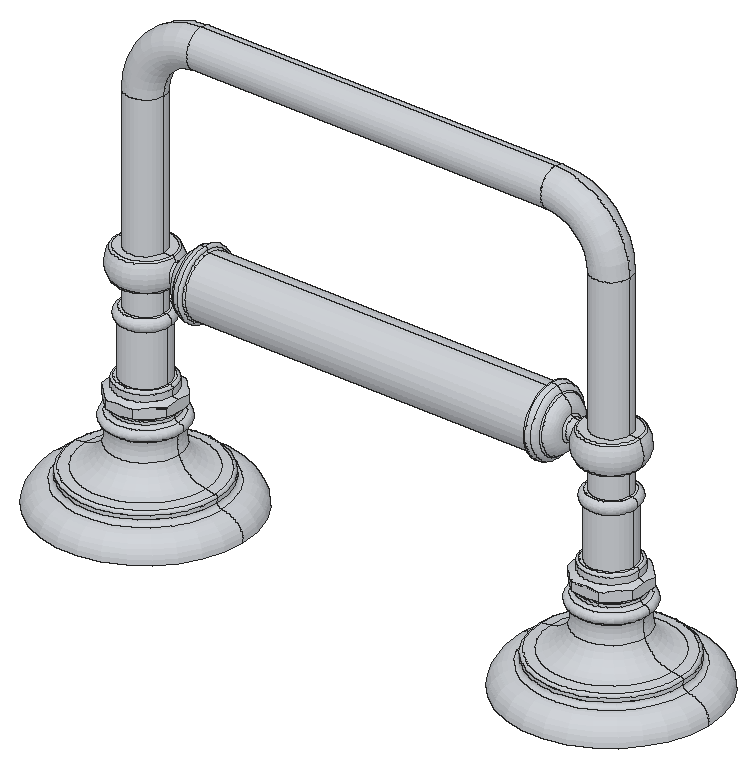
Revit family "Accessory-Tissue_Holder-KOHLER-Artifacts-K-72573", category Specialty Equipment, host Face, Revit 2015
Parameters (values of type "CP-Polished Chrome")
  Width = 6"  # constant formula
  URL = "https://www.us.kohler.com/us/"
  Type = 1
  Product Page URL = "http://www.us.kohler.com/us/catalog/productDetails.jsp?productNumber=72573"
  Product Name = "Artifacts"  # constant formula
  Product Documentation Link = "http://www.us.kohler.com/onlinecatalog/pdf/K-72573_spec.pdf"
  Model = if(Type = 1, "K-72573-CP", if(Type = 2, "K-72573-SN", if(Type = 3, "K-72573-BN", if(Type = 4, "K-72573-BV", if(Type = 5, "K-72573-2BZ", if(Type = 6, "K-72573-VNT", "NA"))))))  # "K-72573-CP"
  Material = "Premium Metal Construction"  # constant formula
  MasterFormat 2004 = "10.28.13"  # constant formula
  MasterFormat 1995 = "10820"  # constant formula
  Manufacturer Address = "444 Highland Dr, Kohler, WI 53044"  # constant formula
  Manufacturer = "KOHLER Co."  # constant formula
  Length = 6 1/4"  # constant formula
  Height = 2 5/8"  # constant formula
  Finish = Kohler-Metal-CP-Polished_Chrome
  Environmental Product Declaration = ""
  Description = "Pivoting toilet tissue holder"  # constant formula
  Default Elevation = 42"
  Declare Label = ""
  Date Modified = "10/12/2018"  # constant formula
  Date Created = "10/12/2018"  # constant formula
  Copyright = "Copyright KOHLER Co."  # constant formula
  Contact Us = "https://www.us.kohler.com/us/static/contact.jsp"
  Assembly Code = "C1030200"
  ADA Compliant = 1 = 0  # no
Reference planes (in)
  plane 1 "Center (Front/Back)": y = 0
  plane 2: z = 0
  plane 3 "Center (Left/Right)": x = 0
  plane 4: x = -3.125
  plane 5: x = 3.125
  plane 6: z = 6
  plane 7: y = -1.3125
  plane 8: y = 1.3125
Dimensions and locks (in)
  "Height": plane 7 to plane 8
  "Width": plane 6 to level
  "Length": plane 4 to plane 5
  aligned and locked: plane 2 to host face
  aligned and locked: level to host face
  aligned and locked: plane 4 to nested 1
  aligned and locked: plane 5 to nested 1
Automatic sketch dimensions
  host sketch curve to host sketch curve = 96"  (x2)
Nested families (in)
  nested 1: "K-72573" at (0, 0, 0), type "K-72573"
Definition of nested family "K-72573"
  Parameters (values of type "K-72573")
    Towel Bar Length = 6 1/4"
    Material = none
  Reference planes (in)
    plane 1 "Center (Front/Back)": y = 0
    plane 2: z = 0
    plane 3 "Center (Left/Right)": x = 0
    plane 4: z = 6
    plane 5: x = 3.125
    plane 6: x = -3.125
    plane 7: y = 1.3125
    plane 8: y = -1.3125
    plane 9: x = -4.4375
    plane 10: x = -1.8125
    plane 11: x = 4.4375
    plane 12: x = 1.8125
    plane 13: x = -2.27668
    plane 14: x = 2.27668
  Forms (in)
    Revolve 1, solid, material <- "Material", detail levels medium+fine
      sketch origin (0.11974, 0, 0) x (1, 0, 0) y (0, 0, 1)
        loop
          line (-3.24474, 3.11596) -> (-3.60265, 3.11596)
          arc (-3.60265, 3.11596) -> (-3.61756, 3.11217) -> (-3.62886, 3.10173) r 0.03125
          arc (-3.62886, 3.10173) -> (-3.68053, 2.92918) -> (-3.63093, 2.75602) r 0.32035
          arc (-3.63093, 2.75602) -> (-3.61754, 2.74342) -> (-3.59974, 2.73884) r 0.03691
          line (-3.59974, 2.73884) -> (-3.49471, 2.73884) -> (-3.49471, 2.3874) -> (-3.53448, 2.3874)
          arc (-3.53448, 2.3874) -> (-3.59166, 2.31653) -> (-3.54735, 2.23697) r 0.08142
          line (-3.54735, 2.23697) -> (-3.54735, 1.55443) -> (-3.58362, 1.55443)
          arc (-3.58362, 1.55443) -> (-3.60622, 1.54506) -> (-3.61559, 1.52245) r 0.03197
          line (-3.61559, 1.52245) -> (-3.61559, 1.43735) -> (-3.81784, 1.33871) -> (-3.6599, 1.24752)
          arc (-3.6599, 1.24752) -> (-3.64433, 1.23489) -> (-3.63848, 1.21572) r 0.03432
          line (-3.63848, 1.21572) -> (-3.63848, 1.17818)
          arc (-3.63848, 1.17818) -> (-3.65292, 1.14605) -> (-3.68653, 1.13551) r 0.04297
          arc (-3.68653, 1.13551) -> (-3.75157, 1.09143) -> (-3.71716, 1.02081) r 0.05997
          arc (-3.71716, 1.02081) -> (-3.70417, 1.01174) -> (-3.69592, 0.99821) r 0.0386
          arc (-3.69592, 0.99821) -> (-3.67535, 0.87636) -> (-3.69755, 0.75479) r 0.35709
          arc (-3.69755, 0.75479) -> (-3.83491, 0.5624) -> (-4.05077, 0.46604) r 0.45049
          arc (-4.05077, 0.46604) -> (-4.11352, 0.45618) -> (-4.17623, 0.44613) r 20.60461
          arc (-4.17623, 0.44613) -> (-4.19991, 0.43278) -> (-4.2093, 0.40727) r 0.03936
          line (-4.2093, 0.40727) -> (-4.2093, 0.3595)
          arc (-4.2093, 0.3595) -> (-4.22723, 0.31519) -> (-4.27093, 0.29582) r 0.06371
          arc (-4.27093, 0.29582) -> (-4.47394, 0.20584) -> (-4.55724, 0) r 0.29598
          line (-4.55724, 0) -> (-3.24474, 0) -> (-3.24474, 3.11596)
        axis (-3.24474, 0) -> (-3.24474, 3.11596)
      angle from 0 to 360
    Extrusion 2, void
      sketch origin (0.11974, 0, 0) x (1, 0, 0) y (0, 1, 0)
        loop
          line (-3.42576, 0.43701) -> (-3.68175, 0.18101) -> (-3.68175, -0.18101) -> (-3.42576, -0.43701) -> (-3.06373, -0.43701) -> (-2.80774, -0.18101) -> (-2.80774, 0.18101) -> (-3.06373, 0.43701) -> (-3.42576, 0.43701)
        loop
          circle (-3.24474, 0) r 0.63543
      from 1.22241 to 1.43031
    Revolve 3, solid, material <- "Material", detail levels medium+fine
      sketch origin (0, 0, 0) x (1, 0, 0) y (0, 0, 1)
        loop
          line (3.125, 2.9274) -> (3.125, 3.0576) -> (2.61816, 3.0576)
          arc (2.61816, 3.0576) -> (2.5953, 3.0677) -> (2.58739, 3.09141) r 0.03091
          arc (2.58739, 3.09141) -> (2.56082, 3.20469) -> (2.47115, 3.27883) r 0.18235
          arc (2.47115, 3.27883) -> (2.45785, 3.28771) -> (2.44965, 3.30145) r 0.03631
          arc (2.44965, 3.30145) -> (2.42849, 3.33695) -> (2.39417, 3.35996) r 0.09408
          arc (2.39417, 3.35996) -> (2.3621, 3.37038) -> (2.32908, 3.37722) r 0.30695
          arc (2.32908, 3.37722) -> (2.30343, 3.36873) -> (2.2951, 3.34304) r 0.02989
          arc (2.2951, 3.34304) -> (2.29085, 3.32803) -> (2.27668, 3.3215) r 0.01865
          line (2.27668, 3.3215) -> (-2.27668, 3.3215)
          arc (-2.27668, 3.3215) -> (-2.29085, 3.32803) -> (-2.2951, 3.34304) r 0.01865
          arc (-2.2951, 3.34304) -> (-2.30343, 3.36873) -> (-2.32908, 3.37722) r 0.02989
          arc (-2.32908, 3.37722) -> (-2.3621, 3.37038) -> (-2.39417, 3.35996) r 0.30695
          arc (-2.39417, 3.35996) -> (-2.42849, 3.33695) -> (-2.44965, 3.30145) r 0.09408
          arc (-2.44965, 3.30145) -> (-2.45785, 3.28771) -> (-2.47115, 3.27883) r 0.03631
          arc (-2.47115, 3.27883) -> (-2.56082, 3.20469) -> (-2.58739, 3.09141) r 0.18235
          arc (-2.58739, 3.09141) -> (-2.5953, 3.0677) -> (-2.61816, 3.0576) r 0.03091
          line (-2.61816, 3.0576) -> (-3.125, 3.0576) -> (-3.125, 2.9274) -> (3.125, 2.9274)
        axis (-3.125, 2.9274) -> (3.125, 2.9274)
      angle from 0 to 360
    Sweep 4, solid, material <- "Material", detail levels medium+fine
      path origin (0, 0, 0) x (1, 0, 0) y (0, 0, 1)
        loop
          line (-3.125, 3.10029) -> (-3.125, 5)
          arc (-3.125, 5) -> (-2.9054, 5.53026) -> (-2.3752, 5.75) r 0.75
          line (-2.3752, 5.75) -> (2.3752, 5.75)
          arc (2.3752, 5.75) -> (2.9054, 5.53026) -> (3.125, 5) r 0.75
          line (3.125, 5) -> (3.125, 3.10029)
      profile origin (-3.125, 0, 4.05014) x (-1, 0, 0) y (0, -1, 0)
        loop
          circle (0, 0) r 0.24996
    Extrusion 5, void
      sketch origin (-0.11974, 0, 0) x (-1, 0, 0) y (0, -1, 0)
        loop
          line (-3.42576, -0.43701) -> (-3.06373, -0.43701) -> (-2.80774, -0.18101) -> (-2.80774, 0.18101) -> (-3.06373, 0.43701) -> (-3.42576, 0.43701) -> (-3.68175, 0.18101) -> (-3.68175, -0.18101) -> (-3.42576, -0.43701)
        loop
          circle (-3.24474, 0) r 0.63543
      from 1.22241 to 1.43031
    Revolve 6, solid, material <- "Material", detail levels medium+fine
      sketch origin (-0.11974, 0, 0) x (-1, 0, 0) y (0, 0, 1)
        loop
          line (-3.24474, 3.11596) -> (-3.60265, 3.11596)
          arc (-3.60265, 3.11596) -> (-3.61756, 3.11217) -> (-3.62886, 3.10173) r 0.03125
          arc (-3.62886, 3.10173) -> (-3.68053, 2.92918) -> (-3.63093, 2.75602) r 0.32035
          arc (-3.63093, 2.75602) -> (-3.61754, 2.74342) -> (-3.59974, 2.73884) r 0.03691
          line (-3.59974, 2.73884) -> (-3.49471, 2.73884) -> (-3.49471, 2.3874) -> (-3.53448, 2.3874)
          arc (-3.53448, 2.3874) -> (-3.59166, 2.31653) -> (-3.54735, 2.23697) r 0.08142
          line (-3.54735, 2.23697) -> (-3.54735, 1.55443) -> (-3.58362, 1.55443)
          arc (-3.58362, 1.55443) -> (-3.60622, 1.54506) -> (-3.61559, 1.52245) r 0.03197
          line (-3.61559, 1.52245) -> (-3.61559, 1.43735) -> (-3.81784, 1.33871) -> (-3.6599, 1.24752)
          arc (-3.6599, 1.24752) -> (-3.64433, 1.23489) -> (-3.63848, 1.21572) r 0.03432
          line (-3.63848, 1.21572) -> (-3.63848, 1.17818)
          arc (-3.63848, 1.17818) -> (-3.65292, 1.14605) -> (-3.68653, 1.13551) r 0.04297
          arc (-3.68653, 1.13551) -> (-3.75157, 1.09143) -> (-3.71716, 1.02081) r 0.05997
          arc (-3.71716, 1.02081) -> (-3.70417, 1.01174) -> (-3.69592, 0.99821) r 0.0386
          arc (-3.69592, 0.99821) -> (-3.67535, 0.87636) -> (-3.69755, 0.75479) r 0.35709
          arc (-3.69755, 0.75479) -> (-3.83491, 0.5624) -> (-4.05077, 0.46604) r 0.45049
          arc (-4.05077, 0.46604) -> (-4.11352, 0.45618) -> (-4.17623, 0.44613) r 20.60461
          arc (-4.17623, 0.44613) -> (-4.19991, 0.43278) -> (-4.2093, 0.40727) r 0.03936
          line (-4.2093, 0.40727) -> (-4.2093, 0.3595)
          arc (-4.2093, 0.3595) -> (-4.22723, 0.31519) -> (-4.27093, 0.29582) r 0.06371
          arc (-4.27093, 0.29582) -> (-4.47394, 0.20584) -> (-4.55724, 0) r 0.29598
          line (-4.55724, 0) -> (-3.24474, 0) -> (-3.24474, 3.11596)
        axis (-3.24474, 0) -> (-3.24474, 3.11596)
      angle from 0 to 360
    Extrusion 7, solid, material <- "Material", detail levels coarse
      sketch origin (0, 0, 0) x (1, 0, 0) y (0, 0, 1)
        loop
          line (2.61817, 3.37722) -> (2.61817, 5.5) -> (-2.61817, 5.5) -> (-2.61817, 3.37722) -> (2.61817, 3.37722)
        loop
          line (-3.63183, 6) -> (-3.63183, 1.09143) -> (-2.61817, 1.09143) -> (-2.61817, 2.47725) -> (2.61817, 2.47725) -> (2.61817, 1.09143) -> (3.63183, 1.09143) -> (3.63183, 6) -> (-3.63183, 6)
      from -0.47241 to 0.47241
    Revolve 8, solid, material <- "Material", detail levels coarse
      sketch origin (0, 0, 0) x (1, 0, 0) y (0, 0, 1)
        loop
          line (-3.125, 0) -> (-3.125, 1.09143) -> (-3.63183, 1.09143) -> (-4.4375, 0) -> (-3.125, 0)
        axis (-3.125, 0) -> (-3.125, 1.09143)
      angle from 0 to 360
    Revolve 9, solid, material <- "Material", detail levels coarse
      sketch origin (0, 0, 0) x (-1, 0, 0) y (0, 0, 1)
        loop
          line (-3.125, 0) -> (-3.125, 1.09143) -> (-3.63183, 1.09143) -> (-4.4375, 0) -> (-3.125, 0)
        axis (-3.125, 0) -> (-3.125, 1.09143)
      angle from 0 to 360
  Cuts and joins
    Extrusion 2, Extrusion 5 cuts Revolve 1
    Extrusion 5 cuts Revolve 6
    joined: Revolve 1, Revolve 3, Sweep 4, Revolve 6
    joined: Extrusion 7, Revolve 8, Revolve 9
  Lines and regions (in)
    Masking region 1
      outline origin (0, 0, 0) x (1, 0, 0) y (0, 0, 1)
        loop
          line (-3.125, 0) -> (-1.8125, 0)
          arc (-1.8125, 0) -> (-1.8958, 0.20584) -> (-2.09881, 0.29582) r 0.29598
          arc (-2.09881, 0.29582) -> (-2.14251, 0.31519) -> (-2.16044, 0.3595) r 0.06371
          line (-2.16044, 0.3595) -> (-2.16044, 0.40727)
          arc (-2.16044, 0.40727) -> (-2.16983, 0.43278) -> (-2.19351, 0.44613) r 0.03936
          arc (-2.19351, 0.44613) -> (-2.25623, 0.45618) -> (-2.31897, 0.46604) r 20.60461
          arc (-2.31897, 0.46604) -> (-2.53484, 0.5624) -> (-2.67219, 0.75479) r 0.45049
          arc (-2.67219, 0.75479) -> (-2.69439, 0.87636) -> (-2.67382, 0.99821) r 0.35709
          arc (-2.67382, 0.99821) -> (-2.66557, 1.01174) -> (-2.65259, 1.02081) r 0.0386
          arc (-2.65259, 1.02081) -> (-2.61817, 1.09143) -> (-2.68321, 1.13551) r 0.05997
          arc (-2.68321, 1.13551) -> (-2.71682, 1.14605) -> (-2.73126, 1.17818) r 0.04297
          line (-2.73126, 1.17818) -> (-2.73126, 1.21231)
          arc (-2.73126, 1.21231) -> (-2.72801, 1.22852) -> (-2.71875, 1.24222) r 0.042
          line (-2.71875, 1.24222) -> (-2.68799, 1.26014) -> (-2.68799, 1.40508) -> (-2.75416, 1.43735) -> (-2.75416, 1.52245)
          arc (-2.75416, 1.52245) -> (-2.76352, 1.54506) -> (-2.78613, 1.55443) r 0.03197
          line (-2.78613, 1.55443) -> (-2.82239, 1.55443) -> (-2.82239, 2.23697)
          arc (-2.82239, 2.23697) -> (-2.77809, 2.31653) -> (-2.83527, 2.3874) r 0.08142
          line (-2.83527, 2.3874) -> (-2.87504, 2.3874) -> (-2.87504, 2.73884) -> (-2.77001, 2.73884)
          arc (-2.77001, 2.73884) -> (-2.75068, 2.74431) -> (-2.73707, 2.75909) r 0.03691
          arc (-2.73707, 2.75909) -> (-2.72636, 2.77781) -> (-2.71692, 2.7972) r 0.32035
          line (-2.71692, 2.7972) -> (-2.61816, 2.7972)
          arc (-2.61816, 2.7972) -> (-2.5953, 2.7871) -> (-2.58739, 2.76339) r 0.03091
          arc (-2.58739, 2.76339) -> (-2.56082, 2.65011) -> (-2.47115, 2.57597) r 0.18235
          arc (-2.47115, 2.57597) -> (-2.45785, 2.56709) -> (-2.44965, 2.55335) r 0.03631
          arc (-2.44965, 2.55335) -> (-2.42849, 2.51785) -> (-2.39417, 2.49484) r 0.09408
          arc (-2.39417, 2.49484) -> (-2.3621, 2.48442) -> (-2.32908, 2.47758) r 0.30695
          arc (-2.32908, 2.47758) -> (-2.30343, 2.48606) -> (-2.2951, 2.51176) r 0.02989
          arc (-2.2951, 2.51176) -> (-2.29085, 2.52677) -> (-2.27668, 2.5333) r 0.01865
          line (-2.27668, 2.5333) -> (2.27668, 2.5333)
          arc (2.27668, 2.5333) -> (2.29085, 2.52677) -> (2.2951, 2.51176) r 0.01865
          arc (2.2951, 2.51176) -> (2.30343, 2.48606) -> (2.32908, 2.47758) r 0.02989
          arc (2.32908, 2.47758) -> (2.3621, 2.48442) -> (2.39417, 2.49484) r 0.30695
          arc (2.39417, 2.49484) -> (2.42849, 2.51785) -> (2.44965, 2.55335) r 0.09408
          arc (2.44965, 2.55335) -> (2.45785, 2.56709) -> (2.47115, 2.57597) r 0.03631
          arc (2.47115, 2.57597) -> (2.56082, 2.65011) -> (2.58739, 2.76339) r 0.18235
          arc (2.58739, 2.76339) -> (2.5953, 2.7871) -> (2.61816, 2.7972) r 0.03091
          line (2.61816, 2.7972) -> (2.71692, 2.7972)
          arc (2.71692, 2.7972) -> (2.72636, 2.77781) -> (2.73707, 2.75909) r 0.32035
          arc (2.73707, 2.75909) -> (2.75068, 2.74431) -> (2.77001, 2.73884) r 0.03691
          line (2.77001, 2.73884) -> (2.87504, 2.73884) -> (2.87504, 2.3874) -> (2.83527, 2.3874)
          arc (2.83527, 2.3874) -> (2.77809, 2.31653) -> (2.82239, 2.23697) r 0.08142
          line (2.82239, 2.23697) -> (2.82239, 1.55443) -> (2.78613, 1.55443)
          arc (2.78613, 1.55443) -> (2.76352, 1.54506) -> (2.75416, 1.52245) r 0.03197
          line (2.75416, 1.52245) -> (2.75416, 1.43735) -> (2.68799, 1.40508) -> (2.68799, 1.26014) -> (2.71875, 1.24222)
          arc (2.71875, 1.24222) -> (2.72801, 1.22852) -> (2.73126, 1.21231) r 0.042
          line (2.73126, 1.21231) -> (2.73126, 1.17818)
          arc (2.73126, 1.17818) -> (2.71682, 1.14605) -> (2.68321, 1.13551) r 0.04297
          arc (2.68321, 1.13551) -> (2.61817, 1.09143) -> (2.65259, 1.02081) r 0.05997
          arc (2.65259, 1.02081) -> (2.66557, 1.01174) -> (2.67382, 0.99821) r 0.0386
          arc (2.67382, 0.99821) -> (2.69439, 0.87636) -> (2.67219, 0.75479) r 0.35709
          arc (2.67219, 0.75479) -> (2.53484, 0.5624) -> (2.31897, 0.46604) r 0.45049
          arc (2.31897, 0.46604) -> (2.25623, 0.45618) -> (2.19351, 0.44613) r 20.60461
          arc (2.19351, 0.44613) -> (2.16983, 0.43278) -> (2.16044, 0.40727) r 0.03936
          line (2.16044, 0.40727) -> (2.16044, 0.3595)
          arc (2.16044, 0.3595) -> (2.14251, 0.31519) -> (2.09881, 0.29582) r 0.06371
          arc (2.09881, 0.29582) -> (1.8958, 0.20584) -> (1.8125, 0) r 0.29598
          line (1.8125, 0) -> (3.125, 0) -> (4.4375, 0)
          arc (4.4375, 0) -> (4.3542, 0.20584) -> (4.15119, 0.29582) r 0.29598
          arc (4.15119, 0.29582) -> (4.10749, 0.31519) -> (4.08956, 0.3595) r 0.06371
          line (4.08956, 0.3595) -> (4.08956, 0.40727)
          arc (4.08956, 0.40727) -> (4.08017, 0.43278) -> (4.05649, 0.44613) r 0.03936
          arc (4.05649, 0.44613) -> (3.99377, 0.45618) -> (3.93103, 0.46604) r 20.60461
          arc (3.93103, 0.46604) -> (3.71516, 0.5624) -> (3.57781, 0.75479) r 0.45049
          arc (3.57781, 0.75479) -> (3.55561, 0.87636) -> (3.57618, 0.99821) r 0.35709
          arc (3.57618, 0.99821) -> (3.58443, 1.01174) -> (3.59741, 1.02081) r 0.0386
          arc (3.59741, 1.02081) -> (3.63183, 1.09143) -> (3.56679, 1.13551) r 0.05997
          arc (3.56679, 1.13551) -> (3.53318, 1.14605) -> (3.51874, 1.17818) r 0.04297
          line (3.51874, 1.17818) -> (3.51874, 1.21231)
          arc (3.51874, 1.21231) -> (3.52199, 1.22852) -> (3.53125, 1.24222) r 0.042
          line (3.53125, 1.24222) -> (3.56201, 1.26014) -> (3.56201, 1.40508) -> (3.49584, 1.43735) -> (3.49584, 1.52245)
          arc (3.49584, 1.52245) -> (3.48648, 1.54506) -> (3.46387, 1.55443) r 0.03197
          line (3.46387, 1.55443) -> (3.42761, 1.55443) -> (3.42761, 2.23697)
          arc (3.42761, 2.23697) -> (3.47191, 2.31653) -> (3.41473, 2.3874) r 0.08142
          line (3.41473, 2.3874) -> (3.37496, 2.3874) -> (3.37496, 2.73884) -> (3.47999, 2.73884)
          arc (3.47999, 2.73884) -> (3.4978, 2.74342) -> (3.51119, 2.75602) r 0.03691
          arc (3.51119, 2.75602) -> (3.56079, 2.92918) -> (3.50911, 3.10173) r 0.32035
          arc (3.50911, 3.10173) -> (3.49782, 3.11217) -> (3.48291, 3.11596) r 0.03125
          line (3.48291, 3.11596) -> (3.37496, 3.11596) -> (3.37496, 5)
          arc (3.37496, 5) -> (3.08207, 5.70711) -> (2.37496, 6) r 1
          line (2.37496, 6) -> (-2.37496, 6)
          arc (-2.37496, 6) -> (-3.08207, 5.70711) -> (-3.37496, 5) r 1
          line (-3.37496, 5) -> (-3.37496, 3.11596) -> (-3.48291, 3.11596)
          arc (-3.48291, 3.11596) -> (-3.49782, 3.11217) -> (-3.50911, 3.10173) r 0.03125
          arc (-3.50911, 3.10173) -> (-3.56079, 2.92918) -> (-3.51119, 2.75602) r 0.32035
          arc (-3.51119, 2.75602) -> (-3.4978, 2.74342) -> (-3.47999, 2.73884) r 0.03691
          line (-3.47999, 2.73884) -> (-3.37496, 2.73884) -> (-3.37496, 2.3874) -> (-3.41473, 2.3874)
          arc (-3.41473, 2.3874) -> (-3.47191, 2.31653) -> (-3.42761, 2.23697) r 0.08142
          line (-3.42761, 2.23697) -> (-3.42761, 1.55443) -> (-3.46387, 1.55443)
          arc (-3.46387, 1.55443) -> (-3.48648, 1.54506) -> (-3.49584, 1.52245) r 0.03197
          line (-3.49584, 1.52245) -> (-3.49584, 1.43735) -> (-3.56201, 1.40508) -> (-3.56201, 1.26014) -> (-3.53125, 1.24222)
          arc (-3.53125, 1.24222) -> (-3.52199, 1.22852) -> (-3.51874, 1.21231) r 0.042
          line (-3.51874, 1.21231) -> (-3.51874, 1.17818)
          arc (-3.51874, 1.17818) -> (-3.53318, 1.14605) -> (-3.56679, 1.13551) r 0.04297
          arc (-3.56679, 1.13551) -> (-3.63183, 1.09143) -> (-3.59741, 1.02081) r 0.05997
          arc (-3.59741, 1.02081) -> (-3.58443, 1.01174) -> (-3.57618, 0.99821) r 0.0386
          arc (-3.57618, 0.99821) -> (-3.55561, 0.87636) -> (-3.57781, 0.75479) r 0.35709
          arc (-3.57781, 0.75479) -> (-3.71516, 0.5624) -> (-3.93103, 0.46604) r 0.45049
          arc (-3.93103, 0.46604) -> (-3.99377, 0.45618) -> (-4.05649, 0.44613) r 20.60461
          arc (-4.05649, 0.44613) -> (-4.08017, 0.43278) -> (-4.08956, 0.40727) r 0.03936
          line (-4.08956, 0.40727) -> (-4.08956, 0.3595)
          arc (-4.08956, 0.3595) -> (-4.10749, 0.31519) -> (-4.15119, 0.29582) r 0.06371
          arc (-4.15119, 0.29582) -> (-4.3542, 0.20584) -> (-4.4375, 0) r 0.29598
          line (-4.4375, 0) -> (-3.125, 0)
        loop
          arc (-2.76709, 3.11596) -> (-2.75218, 3.11217) -> (-2.74089, 3.10173) r 0.03125
          arc (-2.74089, 3.10173) -> (-2.72804, 3.08013) -> (-2.71692, 3.0576) r 0.32035
          line (-2.71692, 3.0576) -> (-2.61816, 3.0576)
          arc (-2.61816, 3.0576) -> (-2.5953, 3.0677) -> (-2.58739, 3.09141) r 0.03091
          arc (-2.58739, 3.09141) -> (-2.56082, 3.20469) -> (-2.47115, 3.27883) r 0.18235
          arc (-2.47115, 3.27883) -> (-2.45785, 3.28771) -> (-2.44965, 3.30145) r 0.03631
          arc (-2.44965, 3.30145) -> (-2.42849, 3.33695) -> (-2.39417, 3.35996) r 0.09408
          arc (-2.39417, 3.35996) -> (-2.3621, 3.37038) -> (-2.32908, 3.37722) r 0.30695
          arc (-2.32908, 3.37722) -> (-2.30343, 3.36873) -> (-2.2951, 3.34304) r 0.02989
          arc (-2.2951, 3.34304) -> (-2.29085, 3.32803) -> (-2.27668, 3.3215) r 0.01865
          line (-2.27668, 3.3215) -> (2.27668, 3.3215)
          arc (2.27668, 3.3215) -> (2.29085, 3.32803) -> (2.2951, 3.34304) r 0.01865
          arc (2.2951, 3.34304) -> (2.30343, 3.36873) -> (2.32908, 3.37722) r 0.02989
          arc (2.32908, 3.37722) -> (2.3621, 3.37038) -> (2.39417, 3.35996) r 0.30695
          arc (2.39417, 3.35996) -> (2.42849, 3.33695) -> (2.44965, 3.30145) r 0.09408
          arc (2.44965, 3.30145) -> (2.45785, 3.28771) -> (2.47115, 3.27883) r 0.03631
          arc (2.47115, 3.27883) -> (2.56082, 3.20469) -> (2.58739, 3.09141) r 0.18235
          arc (2.58739, 3.09141) -> (2.5953, 3.0677) -> (2.61816, 3.0576) r 0.03091
          line (2.61816, 3.0576) -> (2.71692, 3.0576)
          arc (2.71692, 3.0576) -> (2.72804, 3.08013) -> (2.74089, 3.10173) r 0.32035
          arc (2.74089, 3.10173) -> (2.75218, 3.11217) -> (2.76709, 3.11596) r 0.03125
          line (2.76709, 3.11596) -> (2.87504, 3.11596) -> (2.87504, 5)
          arc (2.87504, 5) -> (2.72859, 5.35355) -> (2.37504, 5.5) r 0.5
          line (2.37504, 5.5) -> (-2.37504, 5.5)
          arc (-2.37504, 5.5) -> (-2.72859, 5.35355) -> (-2.87504, 5) r 0.5
          line (-2.87504, 5) -> (-2.87504, 3.11596) -> (-2.76709, 3.11596)
    Masking region 2
      outline origin (0, 0, 0) x (1, 0, 0) y (0, 1, 0)
        loop
          arc (-1.87307, 0.39411) -> (-4.4375, 0) -> (-1.87307, -0.39411) r 1.3125
          line (-1.87307, -0.39411) -> (1.87307, -0.39411)
          arc (1.87307, -0.39411) -> (4.4375, 0) -> (1.87307, 0.39411) r 1.3125
          line (1.87307, 0.39411) -> (-1.87307, 0.39411)
    Masking region 3
      outline origin (0, 0, 0) x (0, 1, 0) y (0, 0, 1)
        loop
          line (0, 0) -> (1.3125, 0)
          arc (1.3125, 0) -> (1.2292, 0.20584) -> (1.02619, 0.29582) r 0.29598
          arc (1.02619, 0.29582) -> (0.98249, 0.31519) -> (0.96456, 0.3595) r 0.06371
          line (0.96456, 0.3595) -> (0.96456, 0.40727)
          arc (0.96456, 0.40727) -> (0.95517, 0.43278) -> (0.93149, 0.44613) r 0.03936
          arc (0.93149, 0.44613) -> (0.86877, 0.45618) -> (0.80603, 0.46604) r 20.60461
          arc (0.80603, 0.46604) -> (0.59016, 0.5624) -> (0.45281, 0.75479) r 0.45049
          arc (0.45281, 0.75479) -> (0.43061, 0.87636) -> (0.45118, 0.99821) r 0.35709
          arc (0.45118, 0.99821) -> (0.45943, 1.01174) -> (0.47241, 1.02081) r 0.0386
          arc (0.47241, 1.02081) -> (0.50683, 1.09143) -> (0.44179, 1.13551) r 0.05997
          arc (0.44179, 1.13551) -> (0.40818, 1.14605) -> (0.39374, 1.17818) r 0.04297
          line (0.39374, 1.17818) -> (0.39374, 1.21231)
          arc (0.39374, 1.21231) -> (0.39699, 1.22852) -> (0.40625, 1.24222) r 0.042
          line (0.40625, 1.24222) -> (0.43701, 1.26014) -> (0.43701, 1.40508) -> (0.37084, 1.43735) -> (0.37084, 1.52245)
          arc (0.37084, 1.52245) -> (0.36148, 1.54506) -> (0.33887, 1.55443) r 0.03197
          line (0.33887, 1.55443) -> (0.30261, 1.55443) -> (0.30261, 2.23697)
          arc (0.30261, 2.23697) -> (0.34691, 2.31653) -> (0.28973, 2.3874) r 0.08142
          line (0.28973, 2.3874) -> (0.24996, 2.3874) -> (0.24996, 2.55383)
          arc (0.24996, 2.55383) -> (0.44949, 2.9274) -> (0.24996, 3.30097) r 0.44949
          line (0.24996, 3.30097) -> (0.24996, 5.77215)
          arc (0.24996, 5.77215) -> (0, 6) -> (-0.24996, 5.77215) r 0.25104
          line (-0.24996, 5.77215) -> (-0.24996, 3.30097)
          arc (-0.24996, 3.30097) -> (-0.44949, 2.9274) -> (-0.24996, 2.55383) r 0.44949
          line (-0.24996, 2.55383) -> (-0.24996, 2.3874) -> (-0.28973, 2.3874)
          arc (-0.28973, 2.3874) -> (-0.34691, 2.31653) -> (-0.30261, 2.23697) r 0.08142
          line (-0.30261, 2.23697) -> (-0.30261, 1.55443) -> (-0.33887, 1.55443)
          arc (-0.33887, 1.55443) -> (-0.36148, 1.54506) -> (-0.37084, 1.52245) r 0.03197
          line (-0.37084, 1.52245) -> (-0.37084, 1.43735) -> (-0.43701, 1.40508) -> (-0.43701, 1.26014) -> (-0.40625, 1.24222)
          arc (-0.40625, 1.24222) -> (-0.39699, 1.22852) -> (-0.39374, 1.21231) r 0.042
          line (-0.39374, 1.21231) -> (-0.39374, 1.17818)
          arc (-0.39374, 1.17818) -> (-0.40818, 1.14605) -> (-0.44179, 1.13551) r 0.04297
          arc (-0.44179, 1.13551) -> (-0.50683, 1.09143) -> (-0.47241, 1.02081) r 0.05997
          arc (-0.47241, 1.02081) -> (-0.45943, 1.01174) -> (-0.45118, 0.99821) r 0.0386
          arc (-0.45118, 0.99821) -> (-0.43061, 0.87636) -> (-0.45281, 0.75479) r 0.35709
          arc (-0.45281, 0.75479) -> (-0.59016, 0.5624) -> (-0.80603, 0.46604) r 0.45049
          arc (-0.80603, 0.46604) -> (-0.86877, 0.45618) -> (-0.93149, 0.44613) r 20.60461
          arc (-0.93149, 0.44613) -> (-0.95517, 0.43278) -> (-0.96456, 0.40727) r 0.03936
          line (-0.96456, 0.40727) -> (-0.96456, 0.3595)
          arc (-0.96456, 0.3595) -> (-0.98249, 0.31519) -> (-1.02619, 0.29582) r 0.06371
          arc (-1.02619, 0.29582) -> (-1.2292, 0.20584) -> (-1.3125, 0) r 0.29598
          line (-1.3125, 0) -> (0, 0)
    symbolic lines, detail levels medium+fine
      curve 1: line (-3.37496, 0, 3.11596) -> (-2.87504, 0, 3.11596)
      curve 2: line (-3.37496, 0, 2.73884) -> (-2.87504, 0, 2.73884)
      curve 3: line (-3.37496, 0, 2.3874) -> (-2.87504, 0, 2.3874)
      curve 4: line (-3.42761, 0, 2.23697) -> (-2.82239, 0, 2.23697)
      curve 5: line (-3.42761, 0, 1.55443) -> (-2.82239, 0, 1.55443)
      curve 6: line (-3.49584, 0, 1.43735) -> (-2.75416, 0, 1.43735)
      curve 7: line (-3.54016, 0, 1.24752) -> (-2.70984, 0, 1.24752)
      curve 8: line (-3.56679, 0, 1.13551) -> (-2.68321, 0, 1.13551)
      curve 9: line (-3.59741, 0, 1.02081) -> (-2.65259, 0, 1.02081)
      curve 10: line (-4.05649, 0, 0.44613) -> (-2.19351, 0, 0.44613)
      curve 11: line (-4.15119, 0, 0.29582) -> (-2.09881, 0, 0.29582)
      curve 12: arc (-2.71692, 0, 3.0576) -> (-2.70862, 0, 2.9274) -> (-2.71692, 0, 2.7972) r 1.02475
      curve 13: line (-2.58739, 0, 3.09141) -> (-2.58739, 0, 2.76339)
      curve 14: line (-2.44965, 0, 3.30145) -> (-2.44965, 0, 2.55335)
      curve 15: line (-2.2951, 0, 3.34304) -> (-2.2951, 0, 2.51176)
      curve 16: line (3.37496, 0, 3.11596) -> (2.87504, 0, 3.11596)
      curve 17: line (3.37496, 0, 2.73884) -> (2.87504, 0, 2.73884)
      curve 18: line (3.37496, 0, 2.3874) -> (2.87504, 0, 2.3874)
      curve 19: line (3.42761, 0, 2.23697) -> (2.82239, 0, 2.23697)
      curve 20: line (3.42761, 0, 1.55443) -> (2.82239, 0, 1.55443)
      curve 21: line (3.49584, 0, 1.43735) -> (2.75416, 0, 1.43735)
      curve 22: line (3.54016, 0, 1.24752) -> (2.70984, 0, 1.24752)
      curve 23: line (3.56679, 0, 1.13551) -> (2.68321, 0, 1.13551)
      curve 24: line (3.59741, 0, 1.02081) -> (2.65259, 0, 1.02081)
      curve 25: line (4.05649, 0, 0.44613) -> (2.19351, 0, 0.44613)
      curve 26: line (4.15119, 0, 0.29582) -> (2.09881, 0, 0.29582)
      curve 27: arc (2.71692, 0, 3.0576) -> (2.70862, 0, 2.9279) -> (2.71679, 0, 2.79819) r 1.02475
      curve 28: line (2.58739, 0, 3.09141) -> (2.58739, 0, 2.76339)
      curve 29: line (2.44965, 0, 3.30145) -> (2.44965, 0, 2.55335)
      curve 30: line (2.2951, 0, 3.34304) -> (2.2951, 0, 2.51176)
      curve 31: spline (-3.30601, 0, 1.38752) -> (-3.32714, 0, 1.39288) -> (-3.34838, 0, 1.39726) -> (-3.36971, 0, 1.40068) -> (-3.39111, 0, 1.40313) -> (-3.41255, 0, 1.40459) -> (-3.43401, 0, 1.40508) -> (-3.45547, 0, 1.40459) -> (-3.47691, 0, 1.40313) -> (-3.49831, 0, 1.40068) -> (-3.51964, 0, 1.39726) -> (-3.54088, 0, 1.39288) -> (-3.56201, 0, 1.38752)
      curve 32: spline (-3.56201, 0, 1.28092) -> (-3.54096, 0, 1.27459) -> (-3.51976, 0, 1.2694) -> (-3.49843, 0, 1.26535) -> (-3.47701, 0, 1.26245) -> (-3.45553, 0, 1.26072) -> (-3.43401, 0, 1.26014) -> (-3.4125, 0, 1.26072) -> (-3.39101, 0, 1.26245) -> (-3.36959, 0, 1.26535) -> (-3.34826, 0, 1.2694) -> (-3.32706, 0, 1.27459) -> (-3.30601, 0, 1.28092)
      curve 33: line (-3.30601, 0, 1.28092) -> (-3.30601, 0, 1.38752)
      curve 34: arc (-2.94399, 0, 1.38752) -> (-3.125, 0, 1.40508) -> (-3.30601, 0, 1.38752) r 0.9417
      curve 35: arc (-3.30601, 0, 1.28092) -> (-3.125, 0, 1.26014) -> (-2.94399, 0, 1.28092) r 0.7985
      curve 36: line (-2.94399, 0, 1.28092) -> (-2.94399, 0, 1.38752)
      curve 37: spline (-2.94399, 0, 1.38752) -> (-2.92286, 0, 1.39288) -> (-2.90162, 0, 1.39726) -> (-2.88029, 0, 1.40068) -> (-2.85889, 0, 1.40313) -> (-2.83745, 0, 1.40459) -> (-2.81599, 0, 1.40508) -> (-2.79453, 0, 1.40459) -> (-2.77309, 0, 1.40313) -> (-2.75169, 0, 1.40068) -> (-2.73036, 0, 1.39726) -> (-2.70912, 0, 1.39288) -> (-2.68799, 0, 1.38752)
      curve 38: spline (-2.68799, 0, 1.28092) -> (-2.70904, 0, 1.27459) -> (-2.73024, 0, 1.2694) -> (-2.75157, 0, 1.26535) -> (-2.77299, 0, 1.26245) -> (-2.79447, 0, 1.26072) -> (-2.81599, 0, 1.26014) -> (-2.8375, 0, 1.26072) -> (-2.85899, 0, 1.26245) -> (-2.88041, 0, 1.26535) -> (-2.90174, 0, 1.2694) -> (-2.92294, 0, 1.27459) -> (-2.94399, 0, 1.28092)
      curve 39: spline (2.94399, 0, 1.38752) -> (2.92286, 0, 1.39288) -> (2.90162, 0, 1.39726) -> (2.88029, 0, 1.40068) -> (2.85889, 0, 1.40313) -> (2.83745, 0, 1.40459) -> (2.81599, 0, 1.40508) -> (2.79453, 0, 1.40459) -> (2.77309, 0, 1.40313) -> (2.75169, 0, 1.40068) -> (2.73036, 0, 1.39726) -> (2.70912, 0, 1.39288) -> (2.68799, 0, 1.38752)
      curve 40: spline (2.68799, 0, 1.28092) -> (2.70904, 0, 1.27459) -> (2.73024, 0, 1.2694) -> (2.75157, 0, 1.26535) -> (2.77299, 0, 1.26245) -> (2.79447, 0, 1.26072) -> (2.81599, 0, 1.26014) -> (2.8375, 0, 1.26072) -> (2.85899, 0, 1.26245) -> (2.88041, 0, 1.26535) -> (2.90174, 0, 1.2694) -> (2.92294, 0, 1.27459) -> (2.94399, 0, 1.28092)
      curve 41: line (2.94399, 0, 1.28092) -> (2.94399, 0, 1.38752)
      curve 42: arc (3.30601, 0, 1.38752) -> (3.125, 0, 1.40508) -> (2.94399, 0, 1.38752) r 0.9417
      curve 43: arc (2.94399, 0, 1.28092) -> (3.125, 0, 1.26014) -> (3.30601, 0, 1.28092) r 0.7985
      curve 44: line (3.30601, 0, 1.28092) -> (3.30601, 0, 1.38752)
      curve 45: spline (3.56201, 0, 1.38752) -> (3.54088, 0, 1.39288) -> (3.51964, 0, 1.39726) -> (3.49831, 0, 1.40068) -> (3.47691, 0, 1.40313) -> (3.45547, 0, 1.40459) -> (3.43401, 0, 1.40508) -> (3.41255, 0, 1.40459) -> (3.39111, 0, 1.40313) -> (3.36971, 0, 1.40068) -> (3.34838, 0, 1.39726) -> (3.32714, 0, 1.39288) -> (3.30601, 0, 1.38752)
      curve 46: spline (3.30601, 0, 1.28092) -> (3.32706, 0, 1.27459) -> (3.34826, 0, 1.2694) -> (3.36959, 0, 1.26535) -> (3.39101, 0, 1.26245) -> (3.4125, 0, 1.26072) -> (3.43401, 0, 1.26014) -> (3.45553, 0, 1.26072) -> (3.47701, 0, 1.26245) -> (3.49843, 0, 1.26535) -> (3.51976, 0, 1.2694) -> (3.54096, 0, 1.27459) -> (3.56201, 0, 1.28092)
      curve 47: arc (-2.24413, 0.39411, 0) -> (-4.09002, 0, 0) -> (-2.24413, -0.39411, 0) r 0.96502
      curve 48: arc (-2.68056, 0.24996, 0) -> (-3.63491, 0, 0) -> (-2.68056, -0.24996, 0) r 0.50991
      curve 49: line (-3.56201, 0.18101, 0) -> (-3.30601, 0.43701, 0)
      curve 50: line (-3.30601, -0.43701, 0) -> (-3.56201, -0.18101, 0)
      curve 51: line (-2.94399, -0.43701, 0) -> (-3.30601, -0.43701, 0)
      curve 52: line (-2.75694, -0.24996, 0) -> (-2.94399, -0.43701, 0)
      curve 53: line (-3.56201, -0.18101, 0) -> (-3.56201, 0.18101, 0)
      curve 54: line (-3.30601, 0.43701, 0) -> (-2.94399, 0.43701, 0)
      curve 55: line (-2.94399, 0.43701, 0) -> (-2.75694, 0.24996, 0)
      curve 56: line (-3.125, 0.24996, 0) -> (3.125, 0.24996, 0)
      curve 57: line (-3.125, -0.24996, 0) -> (3.125, -0.24996, 0)
      curve 58: arc (-3.125, -0.24996, 0) -> (-3.37496, 0, 0) -> (-3.125, 0.24996, 0) r 0.24996
      curve 59: arc (-2.76801, 0.24996, 0) -> (-3.5608, 0, 0) -> (-2.76801, -0.24996, 0) r 0.4358
      curve 60: line (-1.87307, 0.39411, 0) -> (-2.24413, 0.39411, 0)
      curve 61: line (-1.87307, -0.39411, 0) -> (-2.24413, -0.39411, 0)
      curve 62: line (-2.24413, 0.39411, 0) -> (-2.28115, 0.39411, 0)
      curve 63: arc (-2.28115, 0.39411, 0) -> (-2.29136, 0.39867, 0) -> (-2.29479, 0.40932, 0) r 0.01372
      curve 64: line (-2.29479, 0.42013, 0) -> (-2.29479, 0.24996, 0)
      curve 65: arc (-2.33392, 0.44927, 0) -> (-2.30704, 0.44452, 0) -> (-2.29479, 0.42013, 0) r 0.03041
      curve 66: arc (-2.36292, 0.44241, 0) -> (-2.34832, 0.44541, 0) -> (-2.33392, 0.44927, 0) r 0.25584
      curve 67: arc (-2.4187, 0.41863, 0) -> (-2.39218, 0.43372, 0) -> (-2.36292, 0.44241, 0) r 0.13356
      curve 68: arc (-2.45026, 0.3715, 0) -> (-2.43863, 0.39784, 0) -> (-2.4187, 0.41863, 0) r 0.08301
      curve 69: arc (-2.46709, 0.35306, 0) -> (-2.45633, 0.36014, 0) -> (-2.45026, 0.3715, 0) r 0.02611
      curve 70: arc (-2.46709, 0.35306, 0) -> (-2.53202, 0.31331, 0) -> (-2.57424, 0.24996, 0) r 0.17702
      curve 71: line (-2.24413, -0.39411, 0) -> (-2.28115, -0.39411, 0)
      curve 72: arc (-2.28115, -0.39411, 0) -> (-2.29136, -0.39867, 0) -> (-2.29479, -0.40932, 0) r 0.01372
      curve 73: line (-2.29479, -0.42013, 0) -> (-2.29479, -0.24996, 0)
      curve 74: arc (-2.33392, -0.44927, 0) -> (-2.30704, -0.44452, 0) -> (-2.29479, -0.42013, 0) r 0.03041
      curve 75: arc (-2.36292, -0.44241, 0) -> (-2.34832, -0.44541, 0) -> (-2.33392, -0.44927, 0) r 0.25584
      curve 76: arc (-2.4187, -0.41863, 0) -> (-2.39218, -0.43372, 0) -> (-2.36292, -0.44241, 0) r 0.13356
      curve 77: arc (-2.45026, -0.3715, 0) -> (-2.43863, -0.39784, 0) -> (-2.4187, -0.41863, 0) r 0.08301
      curve 78: arc (-2.46709, -0.35306, 0) -> (-2.45633, -0.36014, 0) -> (-2.45026, -0.3715, 0) r 0.02611
      curve 79: arc (-2.46709, -0.35306, 0) -> (-2.53202, -0.31331, 0) -> (-2.57424, -0.24996, 0) r 0.17702
      curve 80: arc (2.24413, 0.39411, 0) -> (4.09002, 0, 0) -> (2.24413, -0.39411, 0) r 0.96502
      curve 81: arc (2.68056, 0.24996, 0) -> (3.63491, 0, 0) -> (2.68056, -0.24996, 0) r 0.50991
      curve 82: line (3.56201, 0.18101, 0) -> (3.30601, 0.43701, 0)
      curve 83: line (3.30601, -0.43701, 0) -> (3.56201, -0.18101, 0)
      curve 84: line (2.94399, -0.43701, 0) -> (3.30601, -0.43701, 0)
      curve 85: line (2.75694, -0.24996, 0) -> (2.94399, -0.43701, 0)
      curve 86: line (3.56201, -0.18101, 0) -> (3.56201, 0.18101, 0)
      curve 87: line (3.30601, 0.43701, 0) -> (2.94399, 0.43701, 0)
      curve 88: line (2.94399, 0.43701, 0) -> (2.75694, 0.24996, 0)
      curve 89: arc (3.125, -0.24996, 0) -> (3.37496, 0, 0) -> (3.125, 0.24996, 0) r 0.24996
      curve 90: arc (2.76801, 0.24996, 0) -> (3.5608, 0, 0) -> (2.76801, -0.24996, 0) r 0.4358
      curve 91: line (1.87307, 0.39411, 0) -> (2.24413, 0.39411, 0)
      curve 92: line (1.87307, -0.39411, 0) -> (2.24413, -0.39411, 0)
      curve 93: line (2.24413, 0.39411, 0) -> (2.28115, 0.39411, 0)
      curve 94: arc (2.28115, 0.39411, 0) -> (2.29136, 0.39867, 0) -> (2.29479, 0.40932, 0) r 0.01372
      curve 95: line (2.29479, 0.42013, 0) -> (2.29479, 0.24996, 0)
      curve 96: arc (2.33392, 0.44927, 0) -> (2.30704, 0.44452, 0) -> (2.29479, 0.42013, 0) r 0.03041
      curve 97: arc (2.36292, 0.44241, 0) -> (2.34832, 0.44541, 0) -> (2.33392, 0.44927, 0) r 0.25584
      curve 98: arc (2.4187, 0.41863, 0) -> (2.39218, 0.43372, 0) -> (2.36292, 0.44241, 0) r 0.13356
      curve 99: arc (2.45026, 0.3715, 0) -> (2.43863, 0.39784, 0) -> (2.4187, 0.41863, 0) r 0.08301
      curve 100: arc (2.46709, 0.35306, 0) -> (2.45633, 0.36014, 0) -> (2.45026, 0.3715, 0) r 0.02611
      curve 101: arc (2.46709, 0.35306, 0) -> (2.53202, 0.31331, 0) -> (2.57424, 0.24996, 0) r 0.17702
      curve 102: line (2.24413, -0.39411, 0) -> (2.28115, -0.39411, 0)
      curve 103: arc (2.28115, -0.39411, 0) -> (2.29136, -0.39867, 0) -> (2.29479, -0.40932, 0) r 0.01372
      curve 104: line (2.29479, -0.42013, 0) -> (2.29479, -0.24996, 0)
      curve 105: arc (2.33392, -0.44927, 0) -> (2.30704, -0.44452, 0) -> (2.29479, -0.42013, 0) r 0.03041
      curve 106: arc (2.36292, -0.44241, 0) -> (2.34832, -0.44541, 0) -> (2.33392, -0.44927, 0) r 0.25584
      curve 107: arc (2.4187, -0.41863, 0) -> (2.39218, -0.43372, 0) -> (2.36292, -0.44241, 0) r 0.13356
      curve 108: arc (2.45026, -0.3715, 0) -> (2.43863, -0.39784, 0) -> (2.4187, -0.41863, 0) r 0.08301
      curve 109: arc (2.46709, -0.35306, 0) -> (2.45633, -0.36014, 0) -> (2.45026, -0.3715, 0) r 0.02611
      curve 110: arc (2.46709, -0.35306, 0) -> (2.53202, -0.31331, 0) -> (2.57424, -0.24996, 0) r 0.17702
      curve 111: line (0, 0.24996, 2.55383) -> (0, 0.24996, 2.73884)
      curve 112: line (0, 0.24996, 2.73884) -> (0, 0.3558, 2.73884)
      curve 113: line (0, 0.24996, 3.11596) -> (0, 0.35855, 3.11596)
      curve 114: arc (0, 0.3558, 2.73884) -> (0, 0.37283, 2.74322) -> (0, 0.38563, 2.75528) r 0.0353
      curve 115: arc (0, 0.38563, 2.75528) -> (0, 0.43543, 2.9287) -> (0, 0.38418, 3.10168) r 0.32213
      curve 116: arc (0, 0.38418, 3.10168) -> (0, 0.37314, 3.11194) -> (0, 0.35855, 3.11567) r 0.03048
      curve 117: line (0, 0.24996, 3.11596) -> (0, 0.24996, 3.30097)
      curve 118: line (0, 0.24996, 3.11596) -> (0, -0.24996, 3.11596)
      curve 119: line (0, 0.24996, 2.73884) -> (0, -0.24996, 2.73884)
      curve 120: line (0, -0.24996, 2.73884) -> (0, -0.3558, 2.73884)
      curve 121: line (0, -0.24996, 3.11596) -> (0, -0.35855, 3.11596)
      curve 122: arc (0, -0.3558, 2.73884) -> (0, -0.37283, 2.74322) -> (0, -0.38563, 2.75528) r 0.0353
      curve 123: arc (0, -0.38563, 2.75528) -> (0, -0.43543, 2.9287) -> (0, -0.38418, 3.10168) r 0.32213
      curve 124: arc (0, -0.38418, 3.10168) -> (0, -0.37314, 3.11194) -> (0, -0.35855, 3.11567) r 0.03048
      curve 125: line (0, -0.24996, 2.55383) -> (0, -0.24996, 2.73884)
      curve 126: line (0, -0.24996, 3.11596) -> (0, -0.24996, 3.30097)
      curve 127: arc (0, 0.3462, 3.11596) -> (0, 0.3037, 3.17875) -> (0, 0.24996, 3.23224) r 0.39422
      curve 128: arc (0, -0.24996, 3.23224) -> (0, -0.3037, 3.17875) -> (0, -0.3462, 3.11596) r 0.39422
      curve 129: arc (0, -0.3462, 2.73884) -> (0, -0.3037, 2.67605) -> (0, -0.24996, 2.62256) r 0.39422
      curve 130: arc (0, 0.24996, 2.62256) -> (0, 0.3037, 2.67605) -> (0, 0.3462, 2.73884) r 0.39422
      curve 131: line (0, 0.24996, 2.3874) -> (0, -0.24996, 2.3874)
      curve 132: line (0, 0.30261, 2.23697) -> (0, -0.30261, 2.23697)
      curve 133: line (0, 0.30261, 1.55443) -> (0, -0.30261, 1.55443)
      curve 134: line (0, 0.37084, 1.43735) -> (0, -0.37084, 1.43735)
      curve 135: line (0, 0.41516, 1.24752) -> (0, -0.41516, 1.24752)
      curve 136: line (0, 0.44179, 1.13551) -> (0, -0.44179, 1.13551)
      curve 137: line (0, 0.47241, 1.02081) -> (0, -0.47241, 1.02081)
      curve 138: line (0, 0.93149, 0.44613) -> (0, -0.93149, 0.44613)
      curve 139: line (0, -1.02619, 0.29582) -> (0, 1.02619, 0.29582)
      curve 140: spline (0, 0.43701, 1.38752) -> (0, 0.41588, 1.39288) -> (0, 0.39464, 1.39726) -> (0, 0.37331, 1.40068) -> (0, 0.35191, 1.40313) -> (0, 0.33047, 1.40459) -> (0, 0.30901, 1.40508) -> (0, 0.28755, 1.40459) -> (0, 0.26611, 1.40313) -> (0, 0.24471, 1.40068) -> (0, 0.22338, 1.39726) -> (0, 0.20214, 1.39288) -> (0, 0.18101, 1.38752)
      curve 141: arc (0, 0.18101, 1.38752) -> (0, 0.09092, 1.40052) -> (0, 0, 1.40508) r 0.97795
      curve 142: line (0, 0, 1.40508) -> (0, 0, 1.43735)
      curve 143: line (0, 0, 1.43735) -> (0, 0, 1.40508)
      curve 144: arc (0, 0, 1.40508) -> (0, -0.09092, 1.40052) -> (0, -0.18101, 1.38752) r 0.97795
      curve 145: spline (0, -0.18101, 1.38752) -> (0, -0.20214, 1.39288) -> (0, -0.22338, 1.39726) -> (0, -0.24471, 1.40068) -> (0, -0.26611, 1.40313) -> (0, -0.28755, 1.40459) -> (0, -0.30901, 1.40508) -> (0, -0.33047, 1.40459) -> (0, -0.35191, 1.40313) -> (0, -0.37331, 1.40068) -> (0, -0.39464, 1.39726) -> (0, -0.41588, 1.39288) -> (0, -0.43701, 1.38752)
      curve 146: spline (0, -0.43701, 1.28092) -> (0, -0.41596, 1.27459) -> (0, -0.39476, 1.2694) -> (0, -0.37343, 1.26535) -> (0, -0.35201, 1.26245) -> (0, -0.33053, 1.26072) -> (0, -0.30901, 1.26014) -> (0, -0.2875, 1.26072) -> (0, -0.26601, 1.26245) -> (0, -0.24459, 1.26535) -> (0, -0.22326, 1.2694) -> (0, -0.20206, 1.27459) -> (0, -0.18101, 1.28092)
      curve 147: arc (0, -0.18101, 1.28092) -> (0, -0.09108, 1.26556) -> (0, 0, 1.26014) r 0.83157
      curve 148: arc (0, 0, 1.26014) -> (0, 0.09108, 1.26556) -> (0, 0.18101, 1.28092) r 0.83157
      curve 149: spline (0, 0.18101, 1.28092) -> (0, 0.20206, 1.27459) -> (0, 0.22326, 1.2694) -> (0, 0.24459, 1.26535) -> (0, 0.26601, 1.26245) -> (0, 0.2875, 1.26072) -> (0, 0.30901, 1.26014) -> (0, 0.33053, 1.26072) -> (0, 0.35201, 1.26245) -> (0, 0.37343, 1.26535) -> (0, 0.39476, 1.2694) -> (0, 0.41596, 1.27459) -> (0, 0.43701, 1.28092)
      curve 150: line (0, 0.18101, 1.38752) -> (0, 0.18101, 1.28092)
      curve 151: line (0, -0.18101, 1.38752) -> (0, -0.18101, 1.28092)
  Dimensions and locks (in)
    plane 4 to plane 2 = 6"
    "Towel Bar Length": plane 5 to plane 6
    plane 9 to plane 10 = 2 5/8"
    plane 7 to plane 8 = 2 5/8"
    locked: plane 13 to plane 6 at 0.84832
    locked: plane 5 to plane 14 at 0.84832
    locked: plane 4 to Sweep 4 sketch curve at 0.25
    aligned and locked: plane 2 to level
    aligned and locked: plane 6 to Sweep 4 sketch curve
    aligned and locked: Sweep 4 sketch curve to plane 5
    aligned and locked: Revolve 1 sketch curve to plane 6
    aligned and locked: plane 5 to Revolve 6 sketch curve
    aligned and locked: plane 13 to Revolve 3 sketch curve
    aligned and locked: plane 14 to Revolve 3 sketch curve
    aligned and locked: plane 2 to Revolve 1 sketch curve
    aligned and locked: Revolve 6 sketch curve to plane 2
    aligned and locked: plane 6 to Revolve 3 sketch curve
    aligned and locked: Revolve 3 sketch curve to plane 5
  Automatic sketch dimensions
    curve 47 to curve 48 = 0"  (x2)
    curve 47 to curve 58 = 0"  (x2)
    curve 47 to curve 59 = 0"  (x2)
    curve 48 to curve 58 = 0"  (x2)
    curve 48 to curve 59 = 0"  (x2)
    curve 58 to curve 59 = 0"  (x2)
    curve 80 to curve 81 = 0"  (x2)
    curve 80 to curve 89 = 0"  (x2)
    curve 80 to curve 90 = 0"  (x2)
    curve 81 to curve 89 = 0"  (x2)
    curve 81 to curve 90 = 0"  (x2)
    curve 89 to curve 90 = 0"  (x2)
    curve 58 to plane 6 = 0"
    curve 57 to plane 5 = 0"
    plane 1 "Center (Front/Back)" to curve 90 = 0"
    curve 49 to plane 6 = 0.18101"
    curve 51 to plane 6 = 0.18101"
    curve 53 to plane 1 "Center (Front/Back)" = 0.18101"
    curve 53 to curve 49 = 0.25599"
    plane 6 to curve 54 = 0.18101"
    plane 6 to curve 51 = 0.18101"
    curve 51 to curve 78 = 0.46837"
    curve 54 to curve 69 = 0.46837"
    curve 78 to curve 79 = 0.06633"
    curve 69 to curve 70 = 0.06633"
    curve 78 to curve 75 = 0.06839"
    curve 69 to curve 66 = 0.06839"
    curve 69 to curve 68 = 0.10596"
    curve 78 to curve 77 = 0.10596"
    curve 77 to curve 76 = 0.02986"
    curve 68 to curve 67 = 0.02986"
    curve 68 to curve 65 = 0.04445"
    curve 77 to curve 74 = 0.04445"
    curve 65 to curve 64 = 0.03041"
    curve 74 to curve 73 = 0.03041"
    curve 63 to curve 62 = 0.01364"
    curve 72 to curve 71 = 0.01364"
    curve 72 to curve 71 = 0.03702"
    curve 63 to curve 60 = 0.03702"
    curve 91 to plane 12 = 0.43163"
    curve 92 to plane 12 = 0.43163"
    curve 80 to curve 93 = 0.03702"
    curve 92 to curve 103 = 0.03702"
    curve 94 to curve 95 = 0.01364"
    curve 103 to curve 104 = 0.01364"
    curve 95 to curve 96 = 0.03041"
    curve 104 to curve 105 = 0.03041"
    curve 104 to curve 107 = 0.045"
    curve 95 to curve 98 = 0.045"
    curve 107 to curve 108 = 0.02986"
    curve 98 to curve 99 = 0.02986"
    curve 96 to curve 97 = 0.08201"
    curve 105 to curve 106 = 0.08201"
    curve 104 to curve 110 = 0.11449"
    curve 95 to curve 101 = 0.11449"
    curve 108 to curve 109 = 0.10596"
    curve 99 to curve 100 = 0.10596"
    plane 5 to curve 84 = 0.18101"
    plane 5 to curve 88 = 0.18101"
    curve 84 to plane 5 = 0.18101"
    curve 87 to plane 5 = 0.18101"
    plane 1 "Center (Front/Back)" to curve 83 = 0.18101"
    curve 83 to curve 83 = 0.25599"
    plane 1 "Center (Front/Back)" to curve 50 = 0.18101"
    plane 1 "Center (Front/Back)" to curve 79 = 0.18575"
    plane 1 "Center (Front/Back)" to curve 110 = 0.18575"
    plane 1 "Center (Front/Back)" to curve 57 = 0.24996"
    curve 76 to curve 73 = 0.0609"
    curve 107 to curve 104 = 0.0609"
    curve 108 to curve 107 = 0.04078"
    curve 77 to curve 76 = 0.04078"
    curve 109 to curve 108 = 0.02609"
    curve 78 to curve 77 = 0.02609"
    curve 71 to curve 77 = 0.04247"
    curve 92 to curve 107 = 0.08325"
    curve 72 to curve 72 = 0.01372"
    curve 103 to curve 102 = 0.01372"
    curve 73 to curve 72 = 0.01081"
    curve 105 to curve 103 = 0.01081"
    curve 85 to curve 90 = 0.18704"
    curve 51 to curve 59 = 0.18704"
    curve 75 to curve 74 = 0.27426"
    curve 106 to curve 105 = 0.27426"
    curve 86 to plane 1 "Center (Front/Back)" = 0.18101"
    curve 70 to curve 64 = 0.06422"
    curve 101 to curve 95 = 0.06422"
    curve 95 to curve 98 = 0.0609"
    curve 64 to curve 67 = 0.0609"
    curve 67 to curve 68 = 0.04078"
    curve 98 to curve 99 = 0.04078"
    curve 68 to curve 69 = 0.02609"
    curve 99 to curve 100 = 0.02609"
    curve 93 to curve 94 = 0.01372"
    curve 63 to curve 63 = 0.01372"
    curve 63 to curve 64 = 0.01081"
    curve 94 to curve 95 = 0.01081"
    curve 56 to curve 87 = 0.18704"
    curve 56 to curve 49 = 0.18704"
    curve 65 to curve 66 = 0.27426"
    curve 96 to curve 97 = 0.27426"
    curve 54 to curve 59 = 0.17597"
    curve 59 to curve 52 = 0.01107"
    curve 59 to curve 55 = 0.01107"
    curve 55 to curve 48 = 0.07638"
    curve 48 to curve 70 = 0.10631"
    curve 48 to curve 79 = 0.10631"
    curve 69 to curve 70 = 0"
    curve 78 to curve 79 = 0"
    curve 77 to curve 78 = 0"
    curve 68 to curve 69 = 0"
    curve 67 to curve 68 = 0"
    curve 76 to curve 77 = 0"
    curve 66 to curve 67 = 0"
    curve 75 to curve 76 = 0"
    curve 60 to plane 10 = 0.06057"
    curve 61 to plane 10 = 0.06057"
    curve 91 to plane 12 = 0.06057"
    curve 92 to plane 12 = 0.06057"
    curve 97 to curve 96 = 0"
    curve 106 to curve 105 = 0"
    curve 107 to curve 106 = 0"
    curve 98 to curve 97 = 0"
    curve 99 to curve 98 = 0"
    curve 108 to curve 107 = 0"
    curve 100 to curve 99 = 0"
    curve 109 to curve 108 = 0"
    curve 110 to curve 109 = 0"
    curve 101 to curve 100 = 0"
    curve 101 to curve 81 = 0.10631"
    curve 81 to curve 88 = 0.07638"
    curve 81 to curve 85 = 0.07638"
    curve 88 to curve 90 = 0.01107"
    curve 127 to curve 128 = 0"  (x2)
    curve 127 to curve 129 = 0"  (x2)
    curve 127 to curve 130 = 0"  (x2)
    curve 128 to curve 129 = 0"  (x2)
    curve 128 to curve 130 = 0"  (x2)
    curve 129 to curve 130 = 0"  (x2)
    curve 142 to plane 1 "Center (Front/Back)" = 0"
    curve 129 to plane 1 "Center (Front/Back)" = 0"
    curve 148 to plane 1 "Center (Front/Back)" = 0"
    plane 1 "Center (Front/Back)" to curve 141 = 0.00352"
    plane 1 "Center (Front/Back)" to curve 148 = 0.0038"
    plane 1 "Center (Front/Back)" to curve 123 = 29/256"
    plane 1 "Center (Front/Back)" to curve 151 = 0.18101"
    curve 126 to curve 123 = 0.13666"
    curve 125 to curve 123 = 0.13666"
    curve 120 to curve 119 = 0.10583"
    curve 124 to curve 118 = 0.10858"
    curve 144 to plane 1 "Center (Front/Back)" = 0.00352"
    curve 147 to plane 1 "Center (Front/Back)" = 0.0038"
    curve 115 to plane 1 "Center (Front/Back)" = 29/256"
    curve 150 to plane 1 "Center (Front/Back)" = 0.18101"
    curve 115 to curve 117 = 0.13666"
    curve 115 to curve 119 = 0.13666"
    curve 111 to curve 112 = 0.10583"
    curve 113 to curve 116 = 0.10858"
    level to curve 144 = 0.42714"
    curve 141 to curve 144 = 0"
    curve 141 to curve 151 = 0.85378"
    curve 151 to curve 150 = 0"
    curve 147 to curve 151 = 0.1066"
    curve 144 to curve 147 = 0.68661"
    curve 148 to curve 120 = 0.64715"
    curve 112 to curve 114 = 0.0353"
    curve 120 to curve 122 = 0.0353"
    curve 111 to curve 115 = 0.1885"
    curve 123 to curve 115 = 0"
    curve 123 to curve 129 = 0.00006"
    curve 123 to curve 124 = 0.15785"
    curve 115 to curve 116 = 0.15785"
    curve 116 to curve 118 = 0.03077"
    curve 131 to curve 125 = 0"
    curve 132 to curve 131 = 0.05264"
    curve 133 to curve 144 = 0.12159"
    curve 146 to curve 132 = 0.0064"
    curve 145 to curve 144 = 0.128"
    curve 120 to curve 129 = 0.0096"
    curve 124 to curve 128 = 0.01235"
    curve 121 to curve 124 = 0"
    curve 134 to curve 145 = 0.06183"
    curve 123 to curve 124 = 0.02563"
    curve 124 to curve 123 = 0"
    curve 135 to curve 146 = 0.10615"
    curve 146 to curve 135 = 0.02185"
    curve 145 to curve 134 = 0.06616"
    curve 136 to curve 135 = 0.02663"
    curve 137 to curve 136 = 0.03062"
    curve 138 to plane 8 = 0.38101"
    curve 139 to curve 138 = 0.0947"
    curve 131 to curve 111 = 0"
    curve 140 to curve 133 = 0.12159"
    curve 131 to curve 132 = 0.05264"
    curve 144 to curve 140 = 0.30549"
    curve 132 to curve 149 = 0.0064"
    curve 130 to curve 114 = 0.0096"
    curve 127 to curve 116 = 0.01235"
    curve 113 to curve 116 = 0"
    curve 140 to curve 134 = 0.06183"
    curve 116 to curve 115 = 0.02563"
    curve 116 to curve 115 = 0"
    curve 149 to curve 135 = 0.10615"
    curve 135 to curve 149 = 0.02185"
    curve 134 to curve 140 = 0.06616"
    curve 135 to curve 136 = 0.02663"
    curve 136 to curve 137 = 0.03062"
    curve 138 to plane 7 = 0.38101"
    curve 138 to curve 139 = 0.0947"
    level to curve 139 = 0.29582"
    curve 139 to curve 138 = 0.15031"
    curve 144 to curve 140 = 0.03625"
    curve 141 to curve 145 = 0.03625"
    curve 137 to curve 146 = 0.26012"
    curve 137 to curve 136 = 0.1147"
    curve 135 to curve 146 = 0.0334"
    curve 135 to curve 146 = 0.01262"
    curve 135 to curve 149 = 0.01262"
    curve 140 to curve 140 = 0.01756"
    curve 144 to curve 145 = 0.01756"
    curve 144 to curve 143 = 0.03227"
    curve 134 to curve 133 = 0.11707"
    curve 146 to curve 148 = 0.03306"
    curve 149 to curve 147 = 0.03306"
    curve 146 to curve 132 = 0.17833"
    curve 132 to curve 131 = 0.15043"
    curve 111 to curve 130 = 0.06873"
    curve 125 to curve 129 = 0.06873"
    curve 127 to curve 117 = 0.06873"
    curve 128 to curve 126 = 0.06873"
    curve 34 to plane 6 = 0"
    curve 35 to plane 6 = 0"
    plane 5 to curve 42 = 0"
    plane 5 to curve 43 = 0"
    curve 33 to plane 6 = 0.18101"
    curve 12 to plane 6 = 0.60837"
    plane 6 to curve 36 = 0.18101"
    plane 5 to curve 41 = 0.18101"
    curve 44 to plane 5 = 0.18101"
    curve 27 to plane 5 = 0.60837"
    level to curve 42 = 0.46339"
    level to curve 34 = 0.46339"
    curve 34 to curve 36 = 0.81754"
    curve 42 to curve 44 = 0.81754"
    curve 36 to curve 36 = 0.1066"
    curve 41 to curve 41 = 0.1066"
    curve 42 to curve 43 = 0.67111"
    curve 36 to curve 35 = 0.67111"
    curve 35 to curve 12 = 0.86876"
    curve 43 to curve 27 = 0.86876"
    curve 2 to plane 6 = 0.24996"
    curve 3 to plane 6 = 0.24996"
    curve 1 to plane 6 = 0.24996"
    curve 4 to curve 3 = 0.05264"
    curve 5 to curve 34 = 0.12159"
    curve 31 to curve 34 = 0.30901"
    curve 32 to curve 4 = 0.0064"
    curve 6 to curve 31 = 0.06183"
    curve 7 to curve 32 = 0.10615"
    curve 32 to curve 7 = 0.02185"
    curve 31 to curve 6 = 0.06616"
    curve 8 to curve 7 = 0.02663"
    curve 9 to curve 8 = 0.03062"
    curve 10 to plane 9 = 0.38101"
    curve 11 to curve 10 = 0.0947"
    plane 6 to curve 3 = 0.24996"
    plane 6 to curve 2 = 0.24996"
    plane 6 to curve 1 = 0.24996"
    curve 36 to curve 5 = 0.12159"
    curve 3 to curve 4 = 0.05264"
